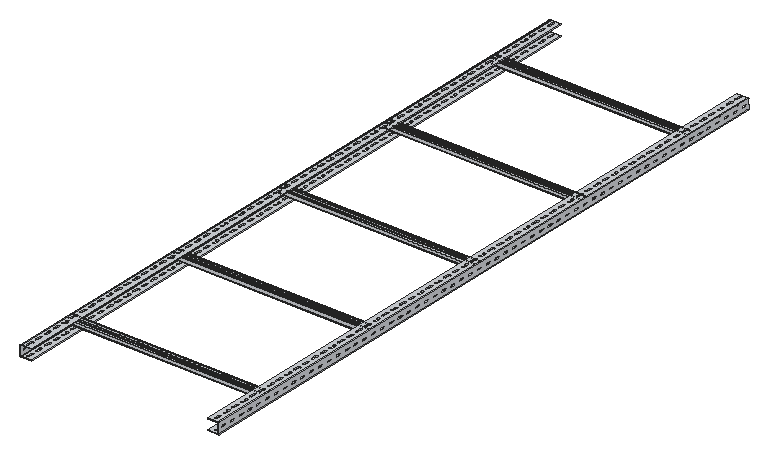
Revit family "steigeleiter_900_FT", category Generic Models, Revit 2017
Family settings
  Can host rebar = No
  Round Connector Dimension = Use Diameter
  Part Type = Normal
  Work Plane-Based = No
  Always vertical = Yes
  Cut with Voids When Loaded = No
  Shared = No
  Room Calculation Point = No
Parameters (values of type "SLM 50 C40 9 FT")
  Width 1 = Width / 2  # 450 mm
  Width = 900 mm
  URL = "http://www.obo-bettermann.com"
  Material = Hot-dip galvanised
  Manufacturer Art.No. = "6010539"
  Manufacturer = "OBO BETTERMANN"
  Length 2 = 273.5 mm
  Length = 3000 mm
  GTIN = "4012196168675"
  Cut's space 2 = 600 mm
  Cut's space = 50 mm
  Cut's number 3 = 2
  Cut's number 2 = 5
  Cut's number = Length / Cut's space  # 60
  Article Type = "SLM 50 C40 9 FT"
Reference planes
  plane 1 "Center (Front/Back)": y = 0
  plane 2: z = 0
  plane 3 "Center (Left/Right)": x = 0
  plane 4: z = 50
  plane 5: y = 3000
  plane 6: y = 273.5
Forms (mm)
  Extrusion 1, solid
    sketch origin (0, 0, 0) x (1, 0, 0) y (0, 0, 1)
      loop
        arc (-446, 2.5) -> (-447.061, 2.939) -> (-447.5, 4) r 1.5
        line (-447.5, 4) -> (-447.5, 46)
        arc (-447.5, 46) -> (-447.061, 47.061) -> (-446, 47.5) r 1.5
        line (-446, 47.5) -> (-400, 47.5) -> (-400, 50) -> (-446, 50)
        arc (-446, 50) -> (-448.828, 48.828) -> (-450, 46) r 4
        line (-450, 46) -> (-450, 4)
        arc (-450, 4) -> (-448.828, 1.172) -> (-446, 0) r 4
        line (-446, 0) -> (-400, 0) -> (-400, 2.5) -> (-446, 2.5)
      loop
        line (400, 50) -> (400, 47.5) -> (446, 47.5)
        arc (446, 47.5) -> (447.061, 47.061) -> (447.5, 46) r 1.5
        line (447.5, 46) -> (447.5, 4)
        arc (447.5, 4) -> (447.061, 2.939) -> (446, 2.5) r 1.5
        line (446, 2.5) -> (400, 2.5) -> (400, 0) -> (449.273, 0)
        arc (449.273, 0) -> (449.787, 0.213) -> (450, 0.727) r 0.727
        line (450, 0.727) -> (450, 47.011)
        arc (450, 47.011) -> (449.124, 49.124) -> (447.011, 50) r 2.989
        line (447.011, 50) -> (400, 50)
    from 0 to -3000
  Extrusion 2, void
    sketch origin (0, 0, 0) x (1, 0, 0) y (0, 1, 0)
      loop
        arc (-430.5, 15.5) -> (-425, 10) -> (-419.5, 15.5) r 5.5
        line (-419.5, 15.5) -> (-419.5, 34.5)
        arc (-419.5, 34.5) -> (-425, 40) -> (-430.5, 34.5) r 5.5
        line (-430.5, 34.5) -> (-430.5, 15.5)
    from 47.5 to 50
  Extrusion 3, void
    sketch origin (0, 50, 0) x (1, 0, 0) y (0, 1, 0)
      loop
        arc (-430.5, 15.5) -> (-425, 10) -> (-419.5, 15.5) r 5.5
        line (-419.5, 15.5) -> (-419.5, 34.5)
        arc (-419.5, 34.5) -> (-425, 40) -> (-430.5, 34.5) r 5.5
        line (-430.5, 34.5) -> (-430.5, 15.5)
    from 47.5 to 50
  Extrusion 4, void
    sketch origin (0, 100, 0) x (1, 0, 0) y (0, 1, 0)
      loop
        arc (-430.5, 15.5) -> (-425, 10) -> (-419.5, 15.5) r 5.5
        line (-419.5, 15.5) -> (-419.5, 34.5)
        arc (-419.5, 34.5) -> (-425, 40) -> (-430.5, 34.5) r 5.5
        line (-430.5, 34.5) -> (-430.5, 15.5)
    from 47.5 to 50
  Extrusion 5, void
    sketch origin (0, 150, 0) x (1, 0, 0) y (0, 1, 0)
      loop
        arc (-430.5, 15.5) -> (-425, 10) -> (-419.5, 15.5) r 5.5
        line (-419.5, 15.5) -> (-419.5, 34.5)
        arc (-419.5, 34.5) -> (-425, 40) -> (-430.5, 34.5) r 5.5
        line (-430.5, 34.5) -> (-430.5, 15.5)
    from 47.5 to 50
  Extrusion 6, void
    sketch origin (0, 200, 0) x (1, 0, 0) y (0, 1, 0)
      loop
        arc (-430.5, 15.5) -> (-425, 10) -> (-419.5, 15.5) r 5.5
        line (-419.5, 15.5) -> (-419.5, 34.5)
        arc (-419.5, 34.5) -> (-425, 40) -> (-430.5, 34.5) r 5.5
        line (-430.5, 34.5) -> (-430.5, 15.5)
    from 47.5 to 50
  Extrusion 7, void
    sketch origin (0, 250, 0) x (1, 0, 0) y (0, 1, 0)
      loop
        arc (-430.5, 15.5) -> (-425, 10) -> (-419.5, 15.5) r 5.5
        line (-419.5, 15.5) -> (-419.5, 34.5)
        arc (-419.5, 34.5) -> (-425, 40) -> (-430.5, 34.5) r 5.5
        line (-430.5, 34.5) -> (-430.5, 15.5)
    from 47.5 to 50
  Extrusion 8, void
    sketch origin (0, 300, 0) x (1, 0, 0) y (0, 1, 0)
      loop
        arc (-430.5, 15.5) -> (-425, 10) -> (-419.5, 15.5) r 5.5
        line (-419.5, 15.5) -> (-419.5, 34.5)
        arc (-419.5, 34.5) -> (-425, 40) -> (-430.5, 34.5) r 5.5
        line (-430.5, 34.5) -> (-430.5, 15.5)
    from 47.5 to 50
  Extrusion 9, void
    sketch origin (0, 350, 0) x (1, 0, 0) y (0, 1, 0)
      loop
        arc (-430.5, 15.5) -> (-425, 10) -> (-419.5, 15.5) r 5.5
        line (-419.5, 15.5) -> (-419.5, 34.5)
        arc (-419.5, 34.5) -> (-425, 40) -> (-430.5, 34.5) r 5.5
        line (-430.5, 34.5) -> (-430.5, 15.5)
    from 47.5 to 50
  Extrusion 10, void
    sketch origin (0, 400, 0) x (1, 0, 0) y (0, 1, 0)
      loop
        arc (-430.5, 15.5) -> (-425, 10) -> (-419.5, 15.5) r 5.5
        line (-419.5, 15.5) -> (-419.5, 34.5)
        arc (-419.5, 34.5) -> (-425, 40) -> (-430.5, 34.5) r 5.5
        line (-430.5, 34.5) -> (-430.5, 15.5)
    from 47.5 to 50
  Extrusion 11, void
    sketch origin (0, 450, 0) x (1, 0, 0) y (0, 1, 0)
      loop
        arc (-430.5, 15.5) -> (-425, 10) -> (-419.5, 15.5) r 5.5
        line (-419.5, 15.5) -> (-419.5, 34.5)
        arc (-419.5, 34.5) -> (-425, 40) -> (-430.5, 34.5) r 5.5
        line (-430.5, 34.5) -> (-430.5, 15.5)
    from 47.5 to 50
  Extrusion 12, void
    sketch origin (0, 500, 0) x (1, 0, 0) y (0, 1, 0)
      loop
        arc (-430.5, 15.5) -> (-425, 10) -> (-419.5, 15.5) r 5.5
        line (-419.5, 15.5) -> (-419.5, 34.5)
        arc (-419.5, 34.5) -> (-425, 40) -> (-430.5, 34.5) r 5.5
        line (-430.5, 34.5) -> (-430.5, 15.5)
    from 47.5 to 50
  Extrusion 13, void
    sketch origin (0, 550, 0) x (1, 0, 0) y (0, 1, 0)
      loop
        arc (-430.5, 15.5) -> (-425, 10) -> (-419.5, 15.5) r 5.5
        line (-419.5, 15.5) -> (-419.5, 34.5)
        arc (-419.5, 34.5) -> (-425, 40) -> (-430.5, 34.5) r 5.5
        line (-430.5, 34.5) -> (-430.5, 15.5)
    from 47.5 to 50
  Extrusion 14, void
    sketch origin (0, 600, 0) x (1, 0, 0) y (0, 1, 0)
      loop
        arc (-430.5, 15.5) -> (-425, 10) -> (-419.5, 15.5) r 5.5
        line (-419.5, 15.5) -> (-419.5, 34.5)
        arc (-419.5, 34.5) -> (-425, 40) -> (-430.5, 34.5) r 5.5
        line (-430.5, 34.5) -> (-430.5, 15.5)
    from 47.5 to 50
  Extrusion 15, void
    sketch origin (0, 650, 0) x (1, 0, 0) y (0, 1, 0)
      loop
        arc (-430.5, 15.5) -> (-425, 10) -> (-419.5, 15.5) r 5.5
        line (-419.5, 15.5) -> (-419.5, 34.5)
        arc (-419.5, 34.5) -> (-425, 40) -> (-430.5, 34.5) r 5.5
        line (-430.5, 34.5) -> (-430.5, 15.5)
    from 47.5 to 50
  Extrusion 16, void
    sketch origin (0, 700, 0) x (1, 0, 0) y (0, 1, 0)
      loop
        arc (-430.5, 15.5) -> (-425, 10) -> (-419.5, 15.5) r 5.5
        line (-419.5, 15.5) -> (-419.5, 34.5)
        arc (-419.5, 34.5) -> (-425, 40) -> (-430.5, 34.5) r 5.5
        line (-430.5, 34.5) -> (-430.5, 15.5)
    from 47.5 to 50
  Extrusion 17, void
    sketch origin (0, 750, 0) x (1, 0, 0) y (0, 1, 0)
      loop
        arc (-430.5, 15.5) -> (-425, 10) -> (-419.5, 15.5) r 5.5
        line (-419.5, 15.5) -> (-419.5, 34.5)
        arc (-419.5, 34.5) -> (-425, 40) -> (-430.5, 34.5) r 5.5
        line (-430.5, 34.5) -> (-430.5, 15.5)
    from 47.5 to 50
  Extrusion 18, void
    sketch origin (0, 800, 0) x (1, 0, 0) y (0, 1, 0)
      loop
        arc (-430.5, 15.5) -> (-425, 10) -> (-419.5, 15.5) r 5.5
        line (-419.5, 15.5) -> (-419.5, 34.5)
        arc (-419.5, 34.5) -> (-425, 40) -> (-430.5, 34.5) r 5.5
        line (-430.5, 34.5) -> (-430.5, 15.5)
    from 47.5 to 50
  Extrusion 19, void
    sketch origin (0, 850, 0) x (1, 0, 0) y (0, 1, 0)
      loop
        arc (-430.5, 15.5) -> (-425, 10) -> (-419.5, 15.5) r 5.5
        line (-419.5, 15.5) -> (-419.5, 34.5)
        arc (-419.5, 34.5) -> (-425, 40) -> (-430.5, 34.5) r 5.5
        line (-430.5, 34.5) -> (-430.5, 15.5)
    from 47.5 to 50
  Extrusion 20, void
    sketch origin (0, 900, 0) x (1, 0, 0) y (0, 1, 0)
      loop
        arc (-430.5, 15.5) -> (-425, 10) -> (-419.5, 15.5) r 5.5
        line (-419.5, 15.5) -> (-419.5, 34.5)
        arc (-419.5, 34.5) -> (-425, 40) -> (-430.5, 34.5) r 5.5
        line (-430.5, 34.5) -> (-430.5, 15.5)
    from 47.5 to 50
  Extrusion 21, void
    sketch origin (0, 950, 0) x (1, 0, 0) y (0, 1, 0)
      loop
        arc (-430.5, 15.5) -> (-425, 10) -> (-419.5, 15.5) r 5.5
        line (-419.5, 15.5) -> (-419.5, 34.5)
        arc (-419.5, 34.5) -> (-425, 40) -> (-430.5, 34.5) r 5.5
        line (-430.5, 34.5) -> (-430.5, 15.5)
    from 47.5 to 50
  Extrusion 22, void
    sketch origin (0, 1000, 0) x (1, 0, 0) y (0, 1, 0)
      loop
        arc (-430.5, 15.5) -> (-425, 10) -> (-419.5, 15.5) r 5.5
        line (-419.5, 15.5) -> (-419.5, 34.5)
        arc (-419.5, 34.5) -> (-425, 40) -> (-430.5, 34.5) r 5.5
        line (-430.5, 34.5) -> (-430.5, 15.5)
    from 47.5 to 50
  Extrusion 23, void
    sketch origin (0, 1050, 0) x (1, 0, 0) y (0, 1, 0)
      loop
        arc (-430.5, 15.5) -> (-425, 10) -> (-419.5, 15.5) r 5.5
        line (-419.5, 15.5) -> (-419.5, 34.5)
        arc (-419.5, 34.5) -> (-425, 40) -> (-430.5, 34.5) r 5.5
        line (-430.5, 34.5) -> (-430.5, 15.5)
    from 47.5 to 50
  Extrusion 24, void
    sketch origin (0, 1100, 0) x (1, 0, 0) y (0, 1, 0)
      loop
        arc (-430.5, 15.5) -> (-425, 10) -> (-419.5, 15.5) r 5.5
        line (-419.5, 15.5) -> (-419.5, 34.5)
        arc (-419.5, 34.5) -> (-425, 40) -> (-430.5, 34.5) r 5.5
        line (-430.5, 34.5) -> (-430.5, 15.5)
    from 47.5 to 50
  Extrusion 25, void
    sketch origin (0, 1150, 0) x (1, 0, 0) y (0, 1, 0)
      loop
        arc (-430.5, 15.5) -> (-425, 10) -> (-419.5, 15.5) r 5.5
        line (-419.5, 15.5) -> (-419.5, 34.5)
        arc (-419.5, 34.5) -> (-425, 40) -> (-430.5, 34.5) r 5.5
        line (-430.5, 34.5) -> (-430.5, 15.5)
    from 47.5 to 50
  Extrusion 26, void
    sketch origin (0, 1200, 0) x (1, 0, 0) y (0, 1, 0)
      loop
        arc (-430.5, 15.5) -> (-425, 10) -> (-419.5, 15.5) r 5.5
        line (-419.5, 15.5) -> (-419.5, 34.5)
        arc (-419.5, 34.5) -> (-425, 40) -> (-430.5, 34.5) r 5.5
        line (-430.5, 34.5) -> (-430.5, 15.5)
    from 47.5 to 50
  Extrusion 27, void
    sketch origin (0, 1250, 0) x (1, 0, 0) y (0, 1, 0)
      loop
        arc (-430.5, 15.5) -> (-425, 10) -> (-419.5, 15.5) r 5.5
        line (-419.5, 15.5) -> (-419.5, 34.5)
        arc (-419.5, 34.5) -> (-425, 40) -> (-430.5, 34.5) r 5.5
        line (-430.5, 34.5) -> (-430.5, 15.5)
    from 47.5 to 50
  Extrusion 28, void
    sketch origin (0, 1300, 0) x (1, 0, 0) y (0, 1, 0)
      loop
        arc (-430.5, 15.5) -> (-425, 10) -> (-419.5, 15.5) r 5.5
        line (-419.5, 15.5) -> (-419.5, 34.5)
        arc (-419.5, 34.5) -> (-425, 40) -> (-430.5, 34.5) r 5.5
        line (-430.5, 34.5) -> (-430.5, 15.5)
    from 47.5 to 50
  Extrusion 29, void
    sketch origin (0, 1350, 0) x (1, 0, 0) y (0, 1, 0)
      loop
        arc (-430.5, 15.5) -> (-425, 10) -> (-419.5, 15.5) r 5.5
        line (-419.5, 15.5) -> (-419.5, 34.5)
        arc (-419.5, 34.5) -> (-425, 40) -> (-430.5, 34.5) r 5.5
        line (-430.5, 34.5) -> (-430.5, 15.5)
    from 47.5 to 50
  Extrusion 30, void
    sketch origin (0, 1400, 0) x (1, 0, 0) y (0, 1, 0)
      loop
        arc (-430.5, 15.5) -> (-425, 10) -> (-419.5, 15.5) r 5.5
        line (-419.5, 15.5) -> (-419.5, 34.5)
        arc (-419.5, 34.5) -> (-425, 40) -> (-430.5, 34.5) r 5.5
        line (-430.5, 34.5) -> (-430.5, 15.5)
    from 47.5 to 50
  Extrusion 31, void
    sketch origin (0, 1450, 0) x (1, 0, 0) y (0, 1, 0)
      loop
        arc (-430.5, 15.5) -> (-425, 10) -> (-419.5, 15.5) r 5.5
        line (-419.5, 15.5) -> (-419.5, 34.5)
        arc (-419.5, 34.5) -> (-425, 40) -> (-430.5, 34.5) r 5.5
        line (-430.5, 34.5) -> (-430.5, 15.5)
    from 47.5 to 50
  Extrusion 32, void
    sketch origin (0, 1500, 0) x (1, 0, 0) y (0, 1, 0)
      loop
        arc (-430.5, 15.5) -> (-425, 10) -> (-419.5, 15.5) r 5.5
        line (-419.5, 15.5) -> (-419.5, 34.5)
        arc (-419.5, 34.5) -> (-425, 40) -> (-430.5, 34.5) r 5.5
        line (-430.5, 34.5) -> (-430.5, 15.5)
    from 47.5 to 50
  Extrusion 33, void
    sketch origin (0, 1550, 0) x (1, 0, 0) y (0, 1, 0)
      loop
        arc (-430.5, 15.5) -> (-425, 10) -> (-419.5, 15.5) r 5.5
        line (-419.5, 15.5) -> (-419.5, 34.5)
        arc (-419.5, 34.5) -> (-425, 40) -> (-430.5, 34.5) r 5.5
        line (-430.5, 34.5) -> (-430.5, 15.5)
    from 47.5 to 50
  Extrusion 34, void
    sketch origin (0, 1600, 0) x (1, 0, 0) y (0, 1, 0)
      loop
        arc (-430.5, 15.5) -> (-425, 10) -> (-419.5, 15.5) r 5.5
        line (-419.5, 15.5) -> (-419.5, 34.5)
        arc (-419.5, 34.5) -> (-425, 40) -> (-430.5, 34.5) r 5.5
        line (-430.5, 34.5) -> (-430.5, 15.5)
    from 47.5 to 50
  Extrusion 35, void
    sketch origin (0, 1650, 0) x (1, 0, 0) y (0, 1, 0)
      loop
        arc (-430.5, 15.5) -> (-425, 10) -> (-419.5, 15.5) r 5.5
        line (-419.5, 15.5) -> (-419.5, 34.5)
        arc (-419.5, 34.5) -> (-425, 40) -> (-430.5, 34.5) r 5.5
        line (-430.5, 34.5) -> (-430.5, 15.5)
    from 47.5 to 50
  Extrusion 36, void
    sketch origin (0, 1700, 0) x (1, 0, 0) y (0, 1, 0)
      loop
        arc (-430.5, 15.5) -> (-425, 10) -> (-419.5, 15.5) r 5.5
        line (-419.5, 15.5) -> (-419.5, 34.5)
        arc (-419.5, 34.5) -> (-425, 40) -> (-430.5, 34.5) r 5.5
        line (-430.5, 34.5) -> (-430.5, 15.5)
    from 47.5 to 50
  Extrusion 37, void
    sketch origin (0, 1750, 0) x (1, 0, 0) y (0, 1, 0)
      loop
        arc (-430.5, 15.5) -> (-425, 10) -> (-419.5, 15.5) r 5.5
        line (-419.5, 15.5) -> (-419.5, 34.5)
        arc (-419.5, 34.5) -> (-425, 40) -> (-430.5, 34.5) r 5.5
        line (-430.5, 34.5) -> (-430.5, 15.5)
    from 47.5 to 50
  Extrusion 38, void
    sketch origin (0, 1800, 0) x (1, 0, 0) y (0, 1, 0)
      loop
        arc (-430.5, 15.5) -> (-425, 10) -> (-419.5, 15.5) r 5.5
        line (-419.5, 15.5) -> (-419.5, 34.5)
        arc (-419.5, 34.5) -> (-425, 40) -> (-430.5, 34.5) r 5.5
        line (-430.5, 34.5) -> (-430.5, 15.5)
    from 47.5 to 50
  Extrusion 39, void
    sketch origin (0, 1850, 0) x (1, 0, 0) y (0, 1, 0)
      loop
        arc (-430.5, 15.5) -> (-425, 10) -> (-419.5, 15.5) r 5.5
        line (-419.5, 15.5) -> (-419.5, 34.5)
        arc (-419.5, 34.5) -> (-425, 40) -> (-430.5, 34.5) r 5.5
        line (-430.5, 34.5) -> (-430.5, 15.5)
    from 47.5 to 50
  Extrusion 40, void
    sketch origin (0, 1900, 0) x (1, 0, 0) y (0, 1, 0)
      loop
        arc (-430.5, 15.5) -> (-425, 10) -> (-419.5, 15.5) r 5.5
        line (-419.5, 15.5) -> (-419.5, 34.5)
        arc (-419.5, 34.5) -> (-425, 40) -> (-430.5, 34.5) r 5.5
        line (-430.5, 34.5) -> (-430.5, 15.5)
    from 47.5 to 50
  Extrusion 41, void
    sketch origin (0, 1950, 0) x (1, 0, 0) y (0, 1, 0)
      loop
        arc (-430.5, 15.5) -> (-425, 10) -> (-419.5, 15.5) r 5.5
        line (-419.5, 15.5) -> (-419.5, 34.5)
        arc (-419.5, 34.5) -> (-425, 40) -> (-430.5, 34.5) r 5.5
        line (-430.5, 34.5) -> (-430.5, 15.5)
    from 47.5 to 50
  Extrusion 42, void
    sketch origin (0, 2000, 0) x (1, 0, 0) y (0, 1, 0)
      loop
        arc (-430.5, 15.5) -> (-425, 10) -> (-419.5, 15.5) r 5.5
        line (-419.5, 15.5) -> (-419.5, 34.5)
        arc (-419.5, 34.5) -> (-425, 40) -> (-430.5, 34.5) r 5.5
        line (-430.5, 34.5) -> (-430.5, 15.5)
    from 47.5 to 50
  Extrusion 43, void
    sketch origin (0, 2050, 0) x (1, 0, 0) y (0, 1, 0)
      loop
        arc (-430.5, 15.5) -> (-425, 10) -> (-419.5, 15.5) r 5.5
        line (-419.5, 15.5) -> (-419.5, 34.5)
        arc (-419.5, 34.5) -> (-425, 40) -> (-430.5, 34.5) r 5.5
        line (-430.5, 34.5) -> (-430.5, 15.5)
    from 47.5 to 50
  Extrusion 44, void
    sketch origin (0, 2100, 0) x (1, 0, 0) y (0, 1, 0)
      loop
        arc (-430.5, 15.5) -> (-425, 10) -> (-419.5, 15.5) r 5.5
        line (-419.5, 15.5) -> (-419.5, 34.5)
        arc (-419.5, 34.5) -> (-425, 40) -> (-430.5, 34.5) r 5.5
        line (-430.5, 34.5) -> (-430.5, 15.5)
    from 47.5 to 50
  Extrusion 45, void
    sketch origin (0, 2150, 0) x (1, 0, 0) y (0, 1, 0)
      loop
        arc (-430.5, 15.5) -> (-425, 10) -> (-419.5, 15.5) r 5.5
        line (-419.5, 15.5) -> (-419.5, 34.5)
        arc (-419.5, 34.5) -> (-425, 40) -> (-430.5, 34.5) r 5.5
        line (-430.5, 34.5) -> (-430.5, 15.5)
    from 47.5 to 50
  Extrusion 46, void
    sketch origin (0, 2200, 0) x (1, 0, 0) y (0, 1, 0)
      loop
        arc (-430.5, 15.5) -> (-425, 10) -> (-419.5, 15.5) r 5.5
        line (-419.5, 15.5) -> (-419.5, 34.5)
        arc (-419.5, 34.5) -> (-425, 40) -> (-430.5, 34.5) r 5.5
        line (-430.5, 34.5) -> (-430.5, 15.5)
    from 47.5 to 50
  Extrusion 47, void
    sketch origin (0, 2250, 0) x (1, 0, 0) y (0, 1, 0)
      loop
        arc (-430.5, 15.5) -> (-425, 10) -> (-419.5, 15.5) r 5.5
        line (-419.5, 15.5) -> (-419.5, 34.5)
        arc (-419.5, 34.5) -> (-425, 40) -> (-430.5, 34.5) r 5.5
        line (-430.5, 34.5) -> (-430.5, 15.5)
    from 47.5 to 50
  Extrusion 48, void
    sketch origin (0, 2300, 0) x (1, 0, 0) y (0, 1, 0)
      loop
        arc (-430.5, 15.5) -> (-425, 10) -> (-419.5, 15.5) r 5.5
        line (-419.5, 15.5) -> (-419.5, 34.5)
        arc (-419.5, 34.5) -> (-425, 40) -> (-430.5, 34.5) r 5.5
        line (-430.5, 34.5) -> (-430.5, 15.5)
    from 47.5 to 50
  Extrusion 49, void
    sketch origin (0, 2350, 0) x (1, 0, 0) y (0, 1, 0)
      loop
        arc (-430.5, 15.5) -> (-425, 10) -> (-419.5, 15.5) r 5.5
        line (-419.5, 15.5) -> (-419.5, 34.5)
        arc (-419.5, 34.5) -> (-425, 40) -> (-430.5, 34.5) r 5.5
        line (-430.5, 34.5) -> (-430.5, 15.5)
    from 47.5 to 50
  Extrusion 50, void
    sketch origin (0, 2400, 0) x (1, 0, 0) y (0, 1, 0)
      loop
        arc (-430.5, 15.5) -> (-425, 10) -> (-419.5, 15.5) r 5.5
        line (-419.5, 15.5) -> (-419.5, 34.5)
        arc (-419.5, 34.5) -> (-425, 40) -> (-430.5, 34.5) r 5.5
        line (-430.5, 34.5) -> (-430.5, 15.5)
    from 47.5 to 50
  Extrusion 51, void
    sketch origin (0, 2450, 0) x (1, 0, 0) y (0, 1, 0)
      loop
        arc (-430.5, 15.5) -> (-425, 10) -> (-419.5, 15.5) r 5.5
        line (-419.5, 15.5) -> (-419.5, 34.5)
        arc (-419.5, 34.5) -> (-425, 40) -> (-430.5, 34.5) r 5.5
        line (-430.5, 34.5) -> (-430.5, 15.5)
    from 47.5 to 50
  Extrusion 52, void
    sketch origin (0, 2500, 0) x (1, 0, 0) y (0, 1, 0)
      loop
        arc (-430.5, 15.5) -> (-425, 10) -> (-419.5, 15.5) r 5.5
        line (-419.5, 15.5) -> (-419.5, 34.5)
        arc (-419.5, 34.5) -> (-425, 40) -> (-430.5, 34.5) r 5.5
        line (-430.5, 34.5) -> (-430.5, 15.5)
    from 47.5 to 50
  Extrusion 53, void
    sketch origin (0, 2550, 0) x (1, 0, 0) y (0, 1, 0)
      loop
        arc (-430.5, 15.5) -> (-425, 10) -> (-419.5, 15.5) r 5.5
        line (-419.5, 15.5) -> (-419.5, 34.5)
        arc (-419.5, 34.5) -> (-425, 40) -> (-430.5, 34.5) r 5.5
        line (-430.5, 34.5) -> (-430.5, 15.5)
    from 47.5 to 50
  Extrusion 54, void
    sketch origin (0, 2600, 0) x (1, 0, 0) y (0, 1, 0)
      loop
        arc (-430.5, 15.5) -> (-425, 10) -> (-419.5, 15.5) r 5.5
        line (-419.5, 15.5) -> (-419.5, 34.5)
        arc (-419.5, 34.5) -> (-425, 40) -> (-430.5, 34.5) r 5.5
        line (-430.5, 34.5) -> (-430.5, 15.5)
    from 47.5 to 50
  Extrusion 55, void
    sketch origin (0, 2650, 0) x (1, 0, 0) y (0, 1, 0)
      loop
        arc (-430.5, 15.5) -> (-425, 10) -> (-419.5, 15.5) r 5.5
        line (-419.5, 15.5) -> (-419.5, 34.5)
        arc (-419.5, 34.5) -> (-425, 40) -> (-430.5, 34.5) r 5.5
        line (-430.5, 34.5) -> (-430.5, 15.5)
    from 47.5 to 50
  Extrusion 56, void
    sketch origin (0, 2700, 0) x (1, 0, 0) y (0, 1, 0)
      loop
        arc (-430.5, 15.5) -> (-425, 10) -> (-419.5, 15.5) r 5.5
        line (-419.5, 15.5) -> (-419.5, 34.5)
        arc (-419.5, 34.5) -> (-425, 40) -> (-430.5, 34.5) r 5.5
        line (-430.5, 34.5) -> (-430.5, 15.5)
    from 47.5 to 50
  Extrusion 57, void
    sketch origin (0, 2750, 0) x (1, 0, 0) y (0, 1, 0)
      loop
        arc (-430.5, 15.5) -> (-425, 10) -> (-419.5, 15.5) r 5.5
        line (-419.5, 15.5) -> (-419.5, 34.5)
        arc (-419.5, 34.5) -> (-425, 40) -> (-430.5, 34.5) r 5.5
        line (-430.5, 34.5) -> (-430.5, 15.5)
    from 47.5 to 50
  Extrusion 58, void
    sketch origin (0, 2800, 0) x (1, 0, 0) y (0, 1, 0)
      loop
        arc (-430.5, 15.5) -> (-425, 10) -> (-419.5, 15.5) r 5.5
        line (-419.5, 15.5) -> (-419.5, 34.5)
        arc (-419.5, 34.5) -> (-425, 40) -> (-430.5, 34.5) r 5.5
        line (-430.5, 34.5) -> (-430.5, 15.5)
    from 47.5 to 50
  Extrusion 59, void
    sketch origin (0, 2850, 0) x (1, 0, 0) y (0, 1, 0)
      loop
        arc (-430.5, 15.5) -> (-425, 10) -> (-419.5, 15.5) r 5.5
        line (-419.5, 15.5) -> (-419.5, 34.5)
        arc (-419.5, 34.5) -> (-425, 40) -> (-430.5, 34.5) r 5.5
        line (-430.5, 34.5) -> (-430.5, 15.5)
    from 47.5 to 50
  Extrusion 60, void
    sketch origin (0, 2900, 0) x (1, 0, 0) y (0, 1, 0)
      loop
        arc (-430.5, 15.5) -> (-425, 10) -> (-419.5, 15.5) r 5.5
        line (-419.5, 15.5) -> (-419.5, 34.5)
        arc (-419.5, 34.5) -> (-425, 40) -> (-430.5, 34.5) r 5.5
        line (-430.5, 34.5) -> (-430.5, 15.5)
    from 47.5 to 50
  Extrusion 61, void
    sketch origin (0, 2950, 0) x (1, 0, 0) y (0, 1, 0)
      loop
        arc (-430.5, 15.5) -> (-425, 10) -> (-419.5, 15.5) r 5.5
        line (-419.5, 15.5) -> (-419.5, 34.5)
        arc (-419.5, 34.5) -> (-425, 40) -> (-430.5, 34.5) r 5.5
        line (-430.5, 34.5) -> (-430.5, 15.5)
    from 47.5 to 50
  Extrusion 62, void
    sketch origin (0, 0, 0) x (1, 0, 0) y (0, 1, 0)
      loop
        arc (419.5, 15.5) -> (425, 10) -> (430.5, 15.5) r 5.5
        line (430.5, 15.5) -> (430.5, 34.5)
        arc (430.5, 34.5) -> (425, 40) -> (419.5, 34.5) r 5.5
        line (419.5, 34.5) -> (419.5, 15.5)
    from 47.5 to 50
  Extrusion 63, void
    sketch origin (0, 100, 0) x (1, 0, 0) y (0, 1, 0)
      loop
        arc (419.5, 15.5) -> (425, 10) -> (430.5, 15.5) r 5.5
        line (430.5, 15.5) -> (430.5, 34.5)
        arc (430.5, 34.5) -> (425, 40) -> (419.5, 34.5) r 5.5
        line (419.5, 34.5) -> (419.5, 15.5)
    from 47.5 to 50
  Extrusion 64, void
    sketch origin (0, 150, 0) x (1, 0, 0) y (0, 1, 0)
      loop
        arc (419.5, 15.5) -> (425, 10) -> (430.5, 15.5) r 5.5
        line (430.5, 15.5) -> (430.5, 34.5)
        arc (430.5, 34.5) -> (425, 40) -> (419.5, 34.5) r 5.5
        line (419.5, 34.5) -> (419.5, 15.5)
    from 47.5 to 50
  Extrusion 65, void
    sketch origin (0, 200, 0) x (1, 0, 0) y (0, 1, 0)
      loop
        arc (419.5, 15.5) -> (425, 10) -> (430.5, 15.5) r 5.5
        line (430.5, 15.5) -> (430.5, 34.5)
        arc (430.5, 34.5) -> (425, 40) -> (419.5, 34.5) r 5.5
        line (419.5, 34.5) -> (419.5, 15.5)
    from 47.5 to 50
  Extrusion 66, void
    sketch origin (0, 250, 0) x (1, 0, 0) y (0, 1, 0)
      loop
        arc (419.5, 15.5) -> (425, 10) -> (430.5, 15.5) r 5.5
        line (430.5, 15.5) -> (430.5, 34.5)
        arc (430.5, 34.5) -> (425, 40) -> (419.5, 34.5) r 5.5
        line (419.5, 34.5) -> (419.5, 15.5)
    from 47.5 to 50
  Extrusion 67, void
    sketch origin (0, 300, 0) x (1, 0, 0) y (0, 1, 0)
      loop
        arc (419.5, 15.5) -> (425, 10) -> (430.5, 15.5) r 5.5
        line (430.5, 15.5) -> (430.5, 34.5)
        arc (430.5, 34.5) -> (425, 40) -> (419.5, 34.5) r 5.5
        line (419.5, 34.5) -> (419.5, 15.5)
    from 47.5 to 50
  Extrusion 68, void
    sketch origin (0, 350, 0) x (1, 0, 0) y (0, 1, 0)
      loop
        arc (419.5, 15.5) -> (425, 10) -> (430.5, 15.5) r 5.5
        line (430.5, 15.5) -> (430.5, 34.5)
        arc (430.5, 34.5) -> (425, 40) -> (419.5, 34.5) r 5.5
        line (419.5, 34.5) -> (419.5, 15.5)
    from 47.5 to 50
  Extrusion 69, void
    sketch origin (0, 400, 0) x (1, 0, 0) y (0, 1, 0)
      loop
        arc (419.5, 15.5) -> (425, 10) -> (430.5, 15.5) r 5.5
        line (430.5, 15.5) -> (430.5, 34.5)
        arc (430.5, 34.5) -> (425, 40) -> (419.5, 34.5) r 5.5
        line (419.5, 34.5) -> (419.5, 15.5)
    from 47.5 to 50
  Extrusion 70, void
    sketch origin (0, 450, 0) x (1, 0, 0) y (0, 1, 0)
      loop
        arc (419.5, 15.5) -> (425, 10) -> (430.5, 15.5) r 5.5
        line (430.5, 15.5) -> (430.5, 34.5)
        arc (430.5, 34.5) -> (425, 40) -> (419.5, 34.5) r 5.5
        line (419.5, 34.5) -> (419.5, 15.5)
    from 47.5 to 50
  Extrusion 71, void
    sketch origin (0, 500, 0) x (1, 0, 0) y (0, 1, 0)
      loop
        arc (419.5, 15.5) -> (425, 10) -> (430.5, 15.5) r 5.5
        line (430.5, 15.5) -> (430.5, 34.5)
        arc (430.5, 34.5) -> (425, 40) -> (419.5, 34.5) r 5.5
        line (419.5, 34.5) -> (419.5, 15.5)
    from 47.5 to 50
  Extrusion 72, void
    sketch origin (0, 550, 0) x (1, 0, 0) y (0, 1, 0)
      loop
        arc (419.5, 15.5) -> (425, 10) -> (430.5, 15.5) r 5.5
        line (430.5, 15.5) -> (430.5, 34.5)
        arc (430.5, 34.5) -> (425, 40) -> (419.5, 34.5) r 5.5
        line (419.5, 34.5) -> (419.5, 15.5)
    from 47.5 to 50
  Extrusion 73, void
    sketch origin (0, 600, 0) x (1, 0, 0) y (0, 1, 0)
      loop
        arc (419.5, 15.5) -> (425, 10) -> (430.5, 15.5) r 5.5
        line (430.5, 15.5) -> (430.5, 34.5)
        arc (430.5, 34.5) -> (425, 40) -> (419.5, 34.5) r 5.5
        line (419.5, 34.5) -> (419.5, 15.5)
    from 47.5 to 50
  Extrusion 74, void
    sketch origin (0, 650, 0) x (1, 0, 0) y (0, 1, 0)
      loop
        arc (419.5, 15.5) -> (425, 10) -> (430.5, 15.5) r 5.5
        line (430.5, 15.5) -> (430.5, 34.5)
        arc (430.5, 34.5) -> (425, 40) -> (419.5, 34.5) r 5.5
        line (419.5, 34.5) -> (419.5, 15.5)
    from 47.5 to 50
  Extrusion 75, void
    sketch origin (0, 700, 0) x (1, 0, 0) y (0, 1, 0)
      loop
        arc (419.5, 15.5) -> (425, 10) -> (430.5, 15.5) r 5.5
        line (430.5, 15.5) -> (430.5, 34.5)
        arc (430.5, 34.5) -> (425, 40) -> (419.5, 34.5) r 5.5
        line (419.5, 34.5) -> (419.5, 15.5)
    from 47.5 to 50
  Extrusion 76, void
    sketch origin (0, 750, 0) x (1, 0, 0) y (0, 1, 0)
      loop
        arc (419.5, 15.5) -> (425, 10) -> (430.5, 15.5) r 5.5
        line (430.5, 15.5) -> (430.5, 34.5)
        arc (430.5, 34.5) -> (425, 40) -> (419.5, 34.5) r 5.5
        line (419.5, 34.5) -> (419.5, 15.5)
    from 47.5 to 50
  Extrusion 77, void
    sketch origin (0, 800, 0) x (1, 0, 0) y (0, 1, 0)
      loop
        arc (419.5, 15.5) -> (425, 10) -> (430.5, 15.5) r 5.5
        line (430.5, 15.5) -> (430.5, 34.5)
        arc (430.5, 34.5) -> (425, 40) -> (419.5, 34.5) r 5.5
        line (419.5, 34.5) -> (419.5, 15.5)
    from 47.5 to 50
  Extrusion 78, void
    sketch origin (0, 850, 0) x (1, 0, 0) y (0, 1, 0)
      loop
        arc (419.5, 15.5) -> (425, 10) -> (430.5, 15.5) r 5.5
        line (430.5, 15.5) -> (430.5, 34.5)
        arc (430.5, 34.5) -> (425, 40) -> (419.5, 34.5) r 5.5
        line (419.5, 34.5) -> (419.5, 15.5)
    from 47.5 to 50
  Extrusion 79, void
    sketch origin (0, 900, 0) x (1, 0, 0) y (0, 1, 0)
      loop
        arc (419.5, 15.5) -> (425, 10) -> (430.5, 15.5) r 5.5
        line (430.5, 15.5) -> (430.5, 34.5)
        arc (430.5, 34.5) -> (425, 40) -> (419.5, 34.5) r 5.5
        line (419.5, 34.5) -> (419.5, 15.5)
    from 47.5 to 50
  Extrusion 80, void
    sketch origin (0, 950, 0) x (1, 0, 0) y (0, 1, 0)
      loop
        arc (419.5, 15.5) -> (425, 10) -> (430.5, 15.5) r 5.5
        line (430.5, 15.5) -> (430.5, 34.5)
        arc (430.5, 34.5) -> (425, 40) -> (419.5, 34.5) r 5.5
        line (419.5, 34.5) -> (419.5, 15.5)
    from 47.5 to 50
  Extrusion 81, void
    sketch origin (0, 1000, 0) x (1, 0, 0) y (0, 1, 0)
      loop
        arc (419.5, 15.5) -> (425, 10) -> (430.5, 15.5) r 5.5
        line (430.5, 15.5) -> (430.5, 34.5)
        arc (430.5, 34.5) -> (425, 40) -> (419.5, 34.5) r 5.5
        line (419.5, 34.5) -> (419.5, 15.5)
    from 47.5 to 50
  Extrusion 82, void
    sketch origin (0, 1050, 0) x (1, 0, 0) y (0, 1, 0)
      loop
        arc (419.5, 15.5) -> (425, 10) -> (430.5, 15.5) r 5.5
        line (430.5, 15.5) -> (430.5, 34.5)
        arc (430.5, 34.5) -> (425, 40) -> (419.5, 34.5) r 5.5
        line (419.5, 34.5) -> (419.5, 15.5)
    from 47.5 to 50
  Extrusion 83, void
    sketch origin (0, 1100, 0) x (1, 0, 0) y (0, 1, 0)
      loop
        arc (419.5, 15.5) -> (425, 10) -> (430.5, 15.5) r 5.5
        line (430.5, 15.5) -> (430.5, 34.5)
        arc (430.5, 34.5) -> (425, 40) -> (419.5, 34.5) r 5.5
        line (419.5, 34.5) -> (419.5, 15.5)
    from 47.5 to 50
  Extrusion 84, void
    sketch origin (0, 1150, 0) x (1, 0, 0) y (0, 1, 0)
      loop
        arc (419.5, 15.5) -> (425, 10) -> (430.5, 15.5) r 5.5
        line (430.5, 15.5) -> (430.5, 34.5)
        arc (430.5, 34.5) -> (425, 40) -> (419.5, 34.5) r 5.5
        line (419.5, 34.5) -> (419.5, 15.5)
    from 47.5 to 50
  Extrusion 85, void
    sketch origin (0, 1200, 0) x (1, 0, 0) y (0, 1, 0)
      loop
        arc (419.5, 15.5) -> (425, 10) -> (430.5, 15.5) r 5.5
        line (430.5, 15.5) -> (430.5, 34.5)
        arc (430.5, 34.5) -> (425, 40) -> (419.5, 34.5) r 5.5
        line (419.5, 34.5) -> (419.5, 15.5)
    from 47.5 to 50
  Extrusion 86, void
    sketch origin (0, 1250, 0) x (1, 0, 0) y (0, 1, 0)
      loop
        arc (419.5, 15.5) -> (425, 10) -> (430.5, 15.5) r 5.5
        line (430.5, 15.5) -> (430.5, 34.5)
        arc (430.5, 34.5) -> (425, 40) -> (419.5, 34.5) r 5.5
        line (419.5, 34.5) -> (419.5, 15.5)
    from 47.5 to 50
  Extrusion 87, void
    sketch origin (0, 1300, 0) x (1, 0, 0) y (0, 1, 0)
      loop
        arc (419.5, 15.5) -> (425, 10) -> (430.5, 15.5) r 5.5
        line (430.5, 15.5) -> (430.5, 34.5)
        arc (430.5, 34.5) -> (425, 40) -> (419.5, 34.5) r 5.5
        line (419.5, 34.5) -> (419.5, 15.5)
    from 47.5 to 50
  Extrusion 88, void
    sketch origin (0, 1350, 0) x (1, 0, 0) y (0, 1, 0)
      loop
        arc (419.5, 15.5) -> (425, 10) -> (430.5, 15.5) r 5.5
        line (430.5, 15.5) -> (430.5, 34.5)
        arc (430.5, 34.5) -> (425, 40) -> (419.5, 34.5) r 5.5
        line (419.5, 34.5) -> (419.5, 15.5)
    from 47.5 to 50
  Extrusion 89, void
    sketch origin (0, 1400, 0) x (1, 0, 0) y (0, 1, 0)
      loop
        arc (419.5, 15.5) -> (425, 10) -> (430.5, 15.5) r 5.5
        line (430.5, 15.5) -> (430.5, 34.5)
        arc (430.5, 34.5) -> (425, 40) -> (419.5, 34.5) r 5.5
        line (419.5, 34.5) -> (419.5, 15.5)
    from 47.5 to 50
  Extrusion 90, void
    sketch origin (0, 1450, 0) x (1, 0, 0) y (0, 1, 0)
      loop
        arc (419.5, 15.5) -> (425, 10) -> (430.5, 15.5) r 5.5
        line (430.5, 15.5) -> (430.5, 34.5)
        arc (430.5, 34.5) -> (425, 40) -> (419.5, 34.5) r 5.5
        line (419.5, 34.5) -> (419.5, 15.5)
    from 47.5 to 50
  Extrusion 91, void
    sketch origin (0, 1500, 0) x (1, 0, 0) y (0, 1, 0)
      loop
        arc (419.5, 15.5) -> (425, 10) -> (430.5, 15.5) r 5.5
        line (430.5, 15.5) -> (430.5, 34.5)
        arc (430.5, 34.5) -> (425, 40) -> (419.5, 34.5) r 5.5
        line (419.5, 34.5) -> (419.5, 15.5)
    from 47.5 to 50
  Extrusion 92, void
    sketch origin (0, 1550, 0) x (1, 0, 0) y (0, 1, 0)
      loop
        arc (419.5, 15.5) -> (425, 10) -> (430.5, 15.5) r 5.5
        line (430.5, 15.5) -> (430.5, 34.5)
        arc (430.5, 34.5) -> (425, 40) -> (419.5, 34.5) r 5.5
        line (419.5, 34.5) -> (419.5, 15.5)
    from 47.5 to 50
  Extrusion 93, void
    sketch origin (0, 1600, 0) x (1, 0, 0) y (0, 1, 0)
      loop
        arc (419.5, 15.5) -> (425, 10) -> (430.5, 15.5) r 5.5
        line (430.5, 15.5) -> (430.5, 34.5)
        arc (430.5, 34.5) -> (425, 40) -> (419.5, 34.5) r 5.5
        line (419.5, 34.5) -> (419.5, 15.5)
    from 47.5 to 50
  Extrusion 94, void
    sketch origin (0, 1650, 0) x (1, 0, 0) y (0, 1, 0)
      loop
        arc (419.5, 15.5) -> (425, 10) -> (430.5, 15.5) r 5.5
        line (430.5, 15.5) -> (430.5, 34.5)
        arc (430.5, 34.5) -> (425, 40) -> (419.5, 34.5) r 5.5
        line (419.5, 34.5) -> (419.5, 15.5)
    from 47.5 to 50
  Extrusion 95, void
    sketch origin (0, 1700, 0) x (1, 0, 0) y (0, 1, 0)
      loop
        arc (419.5, 15.5) -> (425, 10) -> (430.5, 15.5) r 5.5
        line (430.5, 15.5) -> (430.5, 34.5)
        arc (430.5, 34.5) -> (425, 40) -> (419.5, 34.5) r 5.5
        line (419.5, 34.5) -> (419.5, 15.5)
    from 47.5 to 50
  Extrusion 96, void
    sketch origin (0, 1750, 0) x (1, 0, 0) y (0, 1, 0)
      loop
        arc (419.5, 15.5) -> (425, 10) -> (430.5, 15.5) r 5.5
        line (430.5, 15.5) -> (430.5, 34.5)
        arc (430.5, 34.5) -> (425, 40) -> (419.5, 34.5) r 5.5
        line (419.5, 34.5) -> (419.5, 15.5)
    from 47.5 to 50
  Extrusion 97, void
    sketch origin (0, 1800, 0) x (1, 0, 0) y (0, 1, 0)
      loop
        arc (419.5, 15.5) -> (425, 10) -> (430.5, 15.5) r 5.5
        line (430.5, 15.5) -> (430.5, 34.5)
        arc (430.5, 34.5) -> (425, 40) -> (419.5, 34.5) r 5.5
        line (419.5, 34.5) -> (419.5, 15.5)
    from 47.5 to 50
  Extrusion 98, void
    sketch origin (0, 1850, 0) x (1, 0, 0) y (0, 1, 0)
      loop
        arc (419.5, 15.5) -> (425, 10) -> (430.5, 15.5) r 5.5
        line (430.5, 15.5) -> (430.5, 34.5)
        arc (430.5, 34.5) -> (425, 40) -> (419.5, 34.5) r 5.5
        line (419.5, 34.5) -> (419.5, 15.5)
    from 47.5 to 50
  Extrusion 99, void
    sketch origin (0, 1900, 0) x (1, 0, 0) y (0, 1, 0)
      loop
        arc (419.5, 15.5) -> (425, 10) -> (430.5, 15.5) r 5.5
        line (430.5, 15.5) -> (430.5, 34.5)
        arc (430.5, 34.5) -> (425, 40) -> (419.5, 34.5) r 5.5
        line (419.5, 34.5) -> (419.5, 15.5)
    from 47.5 to 50
  Extrusion 100, void
    sketch origin (0, 1950, 0) x (1, 0, 0) y (0, 1, 0)
      loop
        arc (419.5, 15.5) -> (425, 10) -> (430.5, 15.5) r 5.5
        line (430.5, 15.5) -> (430.5, 34.5)
        arc (430.5, 34.5) -> (425, 40) -> (419.5, 34.5) r 5.5
        line (419.5, 34.5) -> (419.5, 15.5)
    from 47.5 to 50
  Extrusion 101, void
    sketch origin (0, 2000, 0) x (1, 0, 0) y (0, 1, 0)
      loop
        arc (419.5, 15.5) -> (425, 10) -> (430.5, 15.5) r 5.5
        line (430.5, 15.5) -> (430.5, 34.5)
        arc (430.5, 34.5) -> (425, 40) -> (419.5, 34.5) r 5.5
        line (419.5, 34.5) -> (419.5, 15.5)
    from 47.5 to 50
  Extrusion 102, void
    sketch origin (0, 2050, 0) x (1, 0, 0) y (0, 1, 0)
      loop
        arc (419.5, 15.5) -> (425, 10) -> (430.5, 15.5) r 5.5
        line (430.5, 15.5) -> (430.5, 34.5)
        arc (430.5, 34.5) -> (425, 40) -> (419.5, 34.5) r 5.5
        line (419.5, 34.5) -> (419.5, 15.5)
    from 47.5 to 50
  Extrusion 103, void
    sketch origin (0, 2100, 0) x (1, 0, 0) y (0, 1, 0)
      loop
        arc (419.5, 15.5) -> (425, 10) -> (430.5, 15.5) r 5.5
        line (430.5, 15.5) -> (430.5, 34.5)
        arc (430.5, 34.5) -> (425, 40) -> (419.5, 34.5) r 5.5
        line (419.5, 34.5) -> (419.5, 15.5)
    from 47.5 to 50
  Extrusion 104, void
    sketch origin (0, 2150, 0) x (1, 0, 0) y (0, 1, 0)
      loop
        arc (419.5, 15.5) -> (425, 10) -> (430.5, 15.5) r 5.5
        line (430.5, 15.5) -> (430.5, 34.5)
        arc (430.5, 34.5) -> (425, 40) -> (419.5, 34.5) r 5.5
        line (419.5, 34.5) -> (419.5, 15.5)
    from 47.5 to 50
  Extrusion 105, void
    sketch origin (0, 2200, 0) x (1, 0, 0) y (0, 1, 0)
      loop
        arc (419.5, 15.5) -> (425, 10) -> (430.5, 15.5) r 5.5
        line (430.5, 15.5) -> (430.5, 34.5)
        arc (430.5, 34.5) -> (425, 40) -> (419.5, 34.5) r 5.5
        line (419.5, 34.5) -> (419.5, 15.5)
    from 47.5 to 50
  Extrusion 106, void
    sketch origin (0, 2250, 0) x (1, 0, 0) y (0, 1, 0)
      loop
        arc (419.5, 15.5) -> (425, 10) -> (430.5, 15.5) r 5.5
        line (430.5, 15.5) -> (430.5, 34.5)
        arc (430.5, 34.5) -> (425, 40) -> (419.5, 34.5) r 5.5
        line (419.5, 34.5) -> (419.5, 15.5)
    from 47.5 to 50
  Extrusion 107, void
    sketch origin (0, 2300, 0) x (1, 0, 0) y (0, 1, 0)
      loop
        arc (419.5, 15.5) -> (425, 10) -> (430.5, 15.5) r 5.5
        line (430.5, 15.5) -> (430.5, 34.5)
        arc (430.5, 34.5) -> (425, 40) -> (419.5, 34.5) r 5.5
        line (419.5, 34.5) -> (419.5, 15.5)
    from 47.5 to 50
  Extrusion 108, void
    sketch origin (0, 2350, 0) x (1, 0, 0) y (0, 1, 0)
      loop
        arc (419.5, 15.5) -> (425, 10) -> (430.5, 15.5) r 5.5
        line (430.5, 15.5) -> (430.5, 34.5)
        arc (430.5, 34.5) -> (425, 40) -> (419.5, 34.5) r 5.5
        line (419.5, 34.5) -> (419.5, 15.5)
    from 47.5 to 50
  Extrusion 109, void
    sketch origin (0, 2400, 0) x (1, 0, 0) y (0, 1, 0)
      loop
        arc (419.5, 15.5) -> (425, 10) -> (430.5, 15.5) r 5.5
        line (430.5, 15.5) -> (430.5, 34.5)
        arc (430.5, 34.5) -> (425, 40) -> (419.5, 34.5) r 5.5
        line (419.5, 34.5) -> (419.5, 15.5)
    from 47.5 to 50
  Extrusion 110, void
    sketch origin (0, 2450, 0) x (1, 0, 0) y (0, 1, 0)
      loop
        arc (419.5, 15.5) -> (425, 10) -> (430.5, 15.5) r 5.5
        line (430.5, 15.5) -> (430.5, 34.5)
        arc (430.5, 34.5) -> (425, 40) -> (419.5, 34.5) r 5.5
        line (419.5, 34.5) -> (419.5, 15.5)
    from 47.5 to 50
  Extrusion 111, void
    sketch origin (0, 2500, 0) x (1, 0, 0) y (0, 1, 0)
      loop
        arc (419.5, 15.5) -> (425, 10) -> (430.5, 15.5) r 5.5
        line (430.5, 15.5) -> (430.5, 34.5)
        arc (430.5, 34.5) -> (425, 40) -> (419.5, 34.5) r 5.5
        line (419.5, 34.5) -> (419.5, 15.5)
    from 47.5 to 50
  Extrusion 112, void
    sketch origin (0, 2550, 0) x (1, 0, 0) y (0, 1, 0)
      loop
        arc (419.5, 15.5) -> (425, 10) -> (430.5, 15.5) r 5.5
        line (430.5, 15.5) -> (430.5, 34.5)
        arc (430.5, 34.5) -> (425, 40) -> (419.5, 34.5) r 5.5
        line (419.5, 34.5) -> (419.5, 15.5)
    from 47.5 to 50
  Extrusion 113, void
    sketch origin (0, 2600, 0) x (1, 0, 0) y (0, 1, 0)
      loop
        arc (419.5, 15.5) -> (425, 10) -> (430.5, 15.5) r 5.5
        line (430.5, 15.5) -> (430.5, 34.5)
        arc (430.5, 34.5) -> (425, 40) -> (419.5, 34.5) r 5.5
        line (419.5, 34.5) -> (419.5, 15.5)
    from 47.5 to 50
  Extrusion 114, void
    sketch origin (0, 2650, 0) x (1, 0, 0) y (0, 1, 0)
      loop
        arc (419.5, 15.5) -> (425, 10) -> (430.5, 15.5) r 5.5
        line (430.5, 15.5) -> (430.5, 34.5)
        arc (430.5, 34.5) -> (425, 40) -> (419.5, 34.5) r 5.5
        line (419.5, 34.5) -> (419.5, 15.5)
    from 47.5 to 50
  Extrusion 115, void
    sketch origin (0, 2700, 0) x (1, 0, 0) y (0, 1, 0)
      loop
        arc (419.5, 15.5) -> (425, 10) -> (430.5, 15.5) r 5.5
        line (430.5, 15.5) -> (430.5, 34.5)
        arc (430.5, 34.5) -> (425, 40) -> (419.5, 34.5) r 5.5
        line (419.5, 34.5) -> (419.5, 15.5)
    from 47.5 to 50
  Extrusion 116, void
    sketch origin (0, 2750, 0) x (1, 0, 0) y (0, 1, 0)
      loop
        arc (419.5, 15.5) -> (425, 10) -> (430.5, 15.5) r 5.5
        line (430.5, 15.5) -> (430.5, 34.5)
        arc (430.5, 34.5) -> (425, 40) -> (419.5, 34.5) r 5.5
        line (419.5, 34.5) -> (419.5, 15.5)
    from 47.5 to 50
  Extrusion 117, void
    sketch origin (0, 2800, 0) x (1, 0, 0) y (0, 1, 0)
      loop
        arc (419.5, 15.5) -> (425, 10) -> (430.5, 15.5) r 5.5
        line (430.5, 15.5) -> (430.5, 34.5)
        arc (430.5, 34.5) -> (425, 40) -> (419.5, 34.5) r 5.5
        line (419.5, 34.5) -> (419.5, 15.5)
    from 47.5 to 50
  Extrusion 118, void
    sketch origin (0, 2850, 0) x (1, 0, 0) y (0, 1, 0)
      loop
        arc (419.5, 15.5) -> (425, 10) -> (430.5, 15.5) r 5.5
        line (430.5, 15.5) -> (430.5, 34.5)
        arc (430.5, 34.5) -> (425, 40) -> (419.5, 34.5) r 5.5
        line (419.5, 34.5) -> (419.5, 15.5)
    from 47.5 to 50
  Extrusion 119, void
    sketch origin (0, 2900, 0) x (1, 0, 0) y (0, 1, 0)
      loop
        arc (419.5, 15.5) -> (425, 10) -> (430.5, 15.5) r 5.5
        line (430.5, 15.5) -> (430.5, 34.5)
        arc (430.5, 34.5) -> (425, 40) -> (419.5, 34.5) r 5.5
        line (419.5, 34.5) -> (419.5, 15.5)
    from 47.5 to 50
  Extrusion 120, void
    sketch origin (0, 2950, 0) x (1, 0, 0) y (0, 1, 0)
      loop
        arc (419.5, 15.5) -> (425, 10) -> (430.5, 15.5) r 5.5
        line (430.5, 15.5) -> (430.5, 34.5)
        arc (430.5, 34.5) -> (425, 40) -> (419.5, 34.5) r 5.5
        line (419.5, 34.5) -> (419.5, 15.5)
    from 47.5 to 50
  Extrusion 121, void
    sketch origin (0, 50, 0) x (0, 1, 0) y (0, 0, 1)
      loop
        arc (15.5, 30.5) -> (10, 25) -> (15.5, 19.5) r 5.5
        line (15.5, 19.5) -> (34.5, 19.5)
        arc (34.5, 19.5) -> (40, 25) -> (34.5, 30.5) r 5.5
        line (34.5, 30.5) -> (15.5, 30.5)
    from 447.5 to 450
  Extrusion 122, void
    sketch origin (0, 100, 0) x (0, 1, 0) y (0, 0, 1)
      loop
        arc (15.5, 30.5) -> (10, 25) -> (15.5, 19.5) r 5.5
        line (15.5, 19.5) -> (34.5, 19.5)
        arc (34.5, 19.5) -> (40, 25) -> (34.5, 30.5) r 5.5
        line (34.5, 30.5) -> (15.5, 30.5)
    from 447.5 to 450
  Extrusion 123, void
    sketch origin (0, 150, 0) x (0, 1, 0) y (0, 0, 1)
      loop
        arc (15.5, 30.5) -> (10, 25) -> (15.5, 19.5) r 5.5
        line (15.5, 19.5) -> (34.5, 19.5)
        arc (34.5, 19.5) -> (40, 25) -> (34.5, 30.5) r 5.5
        line (34.5, 30.5) -> (15.5, 30.5)
    from 447.5 to 450
  Extrusion 124, void
    sketch origin (0, 200, 0) x (0, 1, 0) y (0, 0, 1)
      loop
        arc (15.5, 30.5) -> (10, 25) -> (15.5, 19.5) r 5.5
        line (15.5, 19.5) -> (34.5, 19.5)
        arc (34.5, 19.5) -> (40, 25) -> (34.5, 30.5) r 5.5
        line (34.5, 30.5) -> (15.5, 30.5)
    from 447.5 to 450
  Extrusion 125, void
    sketch origin (0, 250, 0) x (0, 1, 0) y (0, 0, 1)
      loop
        arc (15.5, 30.5) -> (10, 25) -> (15.5, 19.5) r 5.5
        line (15.5, 19.5) -> (34.5, 19.5)
        arc (34.5, 19.5) -> (40, 25) -> (34.5, 30.5) r 5.5
        line (34.5, 30.5) -> (15.5, 30.5)
    from 447.5 to 450
  Extrusion 126, void
    sketch origin (0, 300, 0) x (0, 1, 0) y (0, 0, 1)
      loop
        arc (15.5, 30.5) -> (10, 25) -> (15.5, 19.5) r 5.5
        line (15.5, 19.5) -> (34.5, 19.5)
        arc (34.5, 19.5) -> (40, 25) -> (34.5, 30.5) r 5.5
        line (34.5, 30.5) -> (15.5, 30.5)
    from 447.5 to 450
  Extrusion 127, void
    sketch origin (0, 350, 0) x (0, 1, 0) y (0, 0, 1)
      loop
        arc (15.5, 30.5) -> (10, 25) -> (15.5, 19.5) r 5.5
        line (15.5, 19.5) -> (34.5, 19.5)
        arc (34.5, 19.5) -> (40, 25) -> (34.5, 30.5) r 5.5
        line (34.5, 30.5) -> (15.5, 30.5)
    from 447.5 to 450
  Extrusion 128, void
    sketch origin (0, 400, 0) x (0, 1, 0) y (0, 0, 1)
      loop
        arc (15.5, 30.5) -> (10, 25) -> (15.5, 19.5) r 5.5
        line (15.5, 19.5) -> (34.5, 19.5)
        arc (34.5, 19.5) -> (40, 25) -> (34.5, 30.5) r 5.5
        line (34.5, 30.5) -> (15.5, 30.5)
    from 447.5 to 450
  Extrusion 129, void
    sketch origin (0, 450, 0) x (0, 1, 0) y (0, 0, 1)
      loop
        arc (15.5, 30.5) -> (10, 25) -> (15.5, 19.5) r 5.5
        line (15.5, 19.5) -> (34.5, 19.5)
        arc (34.5, 19.5) -> (40, 25) -> (34.5, 30.5) r 5.5
        line (34.5, 30.5) -> (15.5, 30.5)
    from 447.5 to 450
  Extrusion 130, void
    sketch origin (0, 500, 0) x (0, 1, 0) y (0, 0, 1)
      loop
        arc (15.5, 30.5) -> (10, 25) -> (15.5, 19.5) r 5.5
        line (15.5, 19.5) -> (34.5, 19.5)
        arc (34.5, 19.5) -> (40, 25) -> (34.5, 30.5) r 5.5
        line (34.5, 30.5) -> (15.5, 30.5)
    from 447.5 to 450
  Extrusion 131, void
    sketch origin (0, 550, 0) x (0, 1, 0) y (0, 0, 1)
      loop
        arc (15.5, 30.5) -> (10, 25) -> (15.5, 19.5) r 5.5
        line (15.5, 19.5) -> (34.5, 19.5)
        arc (34.5, 19.5) -> (40, 25) -> (34.5, 30.5) r 5.5
        line (34.5, 30.5) -> (15.5, 30.5)
    from 447.5 to 450
  Extrusion 132, void
    sketch origin (0, 600, 0) x (0, 1, 0) y (0, 0, 1)
      loop
        arc (15.5, 30.5) -> (10, 25) -> (15.5, 19.5) r 5.5
        line (15.5, 19.5) -> (34.5, 19.5)
        arc (34.5, 19.5) -> (40, 25) -> (34.5, 30.5) r 5.5
        line (34.5, 30.5) -> (15.5, 30.5)
    from 447.5 to 450
  Extrusion 133, void
    sketch origin (0, 650, 0) x (0, 1, 0) y (0, 0, 1)
      loop
        arc (15.5, 30.5) -> (10, 25) -> (15.5, 19.5) r 5.5
        line (15.5, 19.5) -> (34.5, 19.5)
        arc (34.5, 19.5) -> (40, 25) -> (34.5, 30.5) r 5.5
        line (34.5, 30.5) -> (15.5, 30.5)
    from 447.5 to 450
  Extrusion 134, void
    sketch origin (0, 700, 0) x (0, 1, 0) y (0, 0, 1)
      loop
        arc (15.5, 30.5) -> (10, 25) -> (15.5, 19.5) r 5.5
        line (15.5, 19.5) -> (34.5, 19.5)
        arc (34.5, 19.5) -> (40, 25) -> (34.5, 30.5) r 5.5
        line (34.5, 30.5) -> (15.5, 30.5)
    from 447.5 to 450
  Extrusion 135, void
    sketch origin (0, 750, 0) x (0, 1, 0) y (0, 0, 1)
      loop
        arc (15.5, 30.5) -> (10, 25) -> (15.5, 19.5) r 5.5
        line (15.5, 19.5) -> (34.5, 19.5)
        arc (34.5, 19.5) -> (40, 25) -> (34.5, 30.5) r 5.5
        line (34.5, 30.5) -> (15.5, 30.5)
    from 447.5 to 450
  Extrusion 136, void
    sketch origin (0, 800, 0) x (0, 1, 0) y (0, 0, 1)
      loop
        arc (15.5, 30.5) -> (10, 25) -> (15.5, 19.5) r 5.5
        line (15.5, 19.5) -> (34.5, 19.5)
        arc (34.5, 19.5) -> (40, 25) -> (34.5, 30.5) r 5.5
        line (34.5, 30.5) -> (15.5, 30.5)
    from 447.5 to 450
  Extrusion 137, void
    sketch origin (0, 850, 0) x (0, 1, 0) y (0, 0, 1)
      loop
        arc (15.5, 30.5) -> (10, 25) -> (15.5, 19.5) r 5.5
        line (15.5, 19.5) -> (34.5, 19.5)
        arc (34.5, 19.5) -> (40, 25) -> (34.5, 30.5) r 5.5
        line (34.5, 30.5) -> (15.5, 30.5)
    from 447.5 to 450
  Extrusion 138, void
    sketch origin (0, 900, 0) x (0, 1, 0) y (0, 0, 1)
      loop
        arc (15.5, 30.5) -> (10, 25) -> (15.5, 19.5) r 5.5
        line (15.5, 19.5) -> (34.5, 19.5)
        arc (34.5, 19.5) -> (40, 25) -> (34.5, 30.5) r 5.5
        line (34.5, 30.5) -> (15.5, 30.5)
    from 447.5 to 450
  Extrusion 139, void
    sketch origin (0, 950, 0) x (0, 1, 0) y (0, 0, 1)
      loop
        arc (15.5, 30.5) -> (10, 25) -> (15.5, 19.5) r 5.5
        line (15.5, 19.5) -> (34.5, 19.5)
        arc (34.5, 19.5) -> (40, 25) -> (34.5, 30.5) r 5.5
        line (34.5, 30.5) -> (15.5, 30.5)
    from 447.5 to 450
  Extrusion 140, void
    sketch origin (0, 1000, 0) x (0, 1, 0) y (0, 0, 1)
      loop
        arc (15.5, 30.5) -> (10, 25) -> (15.5, 19.5) r 5.5
        line (15.5, 19.5) -> (34.5, 19.5)
        arc (34.5, 19.5) -> (40, 25) -> (34.5, 30.5) r 5.5
        line (34.5, 30.5) -> (15.5, 30.5)
    from 447.5 to 450
  Extrusion 141, void
    sketch origin (0, 1050, 0) x (0, 1, 0) y (0, 0, 1)
      loop
        arc (15.5, 30.5) -> (10, 25) -> (15.5, 19.5) r 5.5
        line (15.5, 19.5) -> (34.5, 19.5)
        arc (34.5, 19.5) -> (40, 25) -> (34.5, 30.5) r 5.5
        line (34.5, 30.5) -> (15.5, 30.5)
    from 447.5 to 450
  Extrusion 142, void
    sketch origin (0, 1100, 0) x (0, 1, 0) y (0, 0, 1)
      loop
        arc (15.5, 30.5) -> (10, 25) -> (15.5, 19.5) r 5.5
        line (15.5, 19.5) -> (34.5, 19.5)
        arc (34.5, 19.5) -> (40, 25) -> (34.5, 30.5) r 5.5
        line (34.5, 30.5) -> (15.5, 30.5)
    from 447.5 to 450
  Extrusion 143, void
    sketch origin (0, 1150, 0) x (0, 1, 0) y (0, 0, 1)
      loop
        arc (15.5, 30.5) -> (10, 25) -> (15.5, 19.5) r 5.5
        line (15.5, 19.5) -> (34.5, 19.5)
        arc (34.5, 19.5) -> (40, 25) -> (34.5, 30.5) r 5.5
        line (34.5, 30.5) -> (15.5, 30.5)
    from 447.5 to 450
  Extrusion 144, void
    sketch origin (0, 1200, 0) x (0, 1, 0) y (0, 0, 1)
      loop
        arc (15.5, 30.5) -> (10, 25) -> (15.5, 19.5) r 5.5
        line (15.5, 19.5) -> (34.5, 19.5)
        arc (34.5, 19.5) -> (40, 25) -> (34.5, 30.5) r 5.5
        line (34.5, 30.5) -> (15.5, 30.5)
    from 447.5 to 450
  Extrusion 145, void
    sketch origin (0, 1250, 0) x (0, 1, 0) y (0, 0, 1)
      loop
        arc (15.5, 30.5) -> (10, 25) -> (15.5, 19.5) r 5.5
        line (15.5, 19.5) -> (34.5, 19.5)
        arc (34.5, 19.5) -> (40, 25) -> (34.5, 30.5) r 5.5
        line (34.5, 30.5) -> (15.5, 30.5)
    from 447.5 to 450
  Extrusion 146, void
    sketch origin (0, 1300, 0) x (0, 1, 0) y (0, 0, 1)
      loop
        arc (15.5, 30.5) -> (10, 25) -> (15.5, 19.5) r 5.5
        line (15.5, 19.5) -> (34.5, 19.5)
        arc (34.5, 19.5) -> (40, 25) -> (34.5, 30.5) r 5.5
        line (34.5, 30.5) -> (15.5, 30.5)
    from 447.5 to 450
  Extrusion 147, void
    sketch origin (0, 1350, 0) x (0, 1, 0) y (0, 0, 1)
      loop
        arc (15.5, 30.5) -> (10, 25) -> (15.5, 19.5) r 5.5
        line (15.5, 19.5) -> (34.5, 19.5)
        arc (34.5, 19.5) -> (40, 25) -> (34.5, 30.5) r 5.5
        line (34.5, 30.5) -> (15.5, 30.5)
    from 447.5 to 450
  Extrusion 148, void
    sketch origin (0, 1400, 0) x (0, 1, 0) y (0, 0, 1)
      loop
        arc (15.5, 30.5) -> (10, 25) -> (15.5, 19.5) r 5.5
        line (15.5, 19.5) -> (34.5, 19.5)
        arc (34.5, 19.5) -> (40, 25) -> (34.5, 30.5) r 5.5
        line (34.5, 30.5) -> (15.5, 30.5)
    from 447.5 to 450
  Extrusion 149, void
    sketch origin (0, 1450, 0) x (0, 1, 0) y (0, 0, 1)
      loop
        arc (15.5, 30.5) -> (10, 25) -> (15.5, 19.5) r 5.5
        line (15.5, 19.5) -> (34.5, 19.5)
        arc (34.5, 19.5) -> (40, 25) -> (34.5, 30.5) r 5.5
        line (34.5, 30.5) -> (15.5, 30.5)
    from 447.5 to 450
  Extrusion 150, void
    sketch origin (0, 1500, 0) x (0, 1, 0) y (0, 0, 1)
      loop
        arc (15.5, 30.5) -> (10, 25) -> (15.5, 19.5) r 5.5
        line (15.5, 19.5) -> (34.5, 19.5)
        arc (34.5, 19.5) -> (40, 25) -> (34.5, 30.5) r 5.5
        line (34.5, 30.5) -> (15.5, 30.5)
    from 447.5 to 450
  Extrusion 151, void
    sketch origin (0, 1550, 0) x (0, 1, 0) y (0, 0, 1)
      loop
        arc (15.5, 30.5) -> (10, 25) -> (15.5, 19.5) r 5.5
